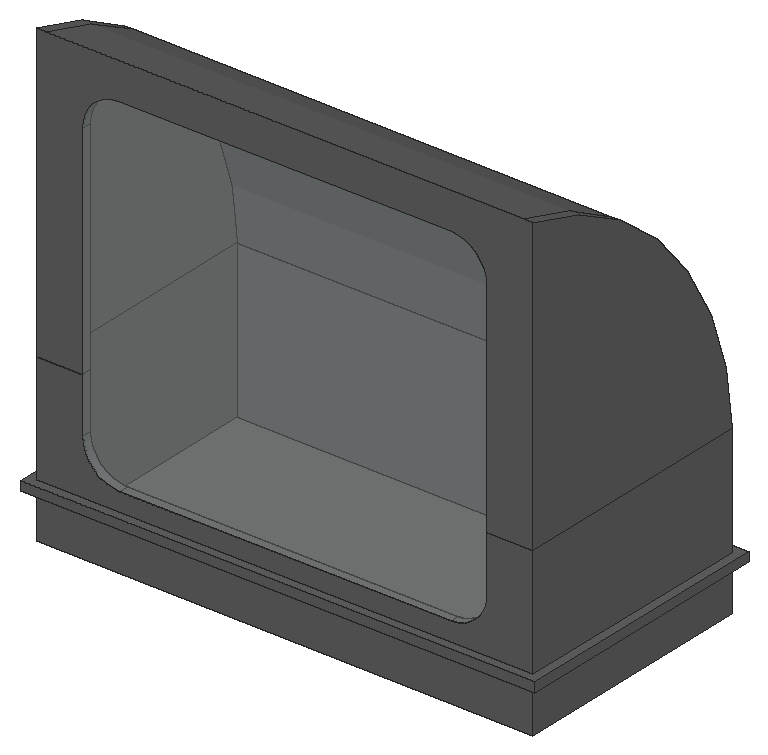
Revit family "Traverse", category Lighting Fixtures, host Face, Revit 2012
Parameters (values of type "TRV-BBT")
  Wattage = 27 W
  built-in parameter 1150110 = 1 (stored number, unit not read)
  Voltage = 120 V
  Wattage Comments = "27W to 136W"  # constant formula
  URL = "http://www.beaconproducts.com/"
  built-in parameter 1114217 = 1 (stored number, unit not read)
  Tilt Angle = 90.00°  # constant formula
  built-in parameter 1150109 = 1 (stored number, unit not read)
  built-in parameter 1150134 = 3
  built-in parameter 1150113 = 1 (stored number, unit not read)
  Product Page URL = "http://www.beaconproducts.com/products/traverse"
  Product Documentation Link = "http://www.beaconproducts.com/content/products/specs/specs_files/Traverse_LED_spec_sheet.pdf"
  Photometric Web File = "TRV-24NB-55-3K-T2.ies"
  Photometric Link = "http://www.beaconproducts.com/products/traverse"
  Nominal Watts = 27 W
  Model = "TRAVERSE"  # constant formula
  Manufacturer Phone = "(800) 345-4928"  # constant formula
  Manufacturer Fax = "(941) 751-5535"  # constant formula
  Manufacturer = "Beacon Lighting"  # constant formula
  built-in parameter 1150105 = 319.16 (stored number, unit not read)
  Lumens = 4010.63 lm
  built-in parameter 1150115 = 1 (stored number, unit not read)
  Load Classification = Lighting
  built-in parameter 1150137 = (empty or 0)
  built-in parameter 1150139 = (empty or 0)
  built-in parameter 1150112 = 1 (stored number, unit not read)
  built-in parameter 1150114 = 1 (stored number, unit not read)
  Lamp = "LED Lamp"
  built-in parameter 1150132 = (empty or 0)
  built-in parameter 1150102 = (empty or 0)
  built-in parameter 1150107 = 3200 (stored number, unit not read)
  built-in parameter 1150138 = (empty or 0)
  built-in parameter 1150106 = 3.1916 (stored number, unit not read)
  Glass = White Glass
  Emit from Rectangle Width = 10"  # constant formula
  Emit from Rectangle Length = 9"  # constant formula
  Emit Shape Visible in Rendering = no
  built-in parameter 1150104 = 13.8 (stored number, unit not read)
  Dimming Lamp Color Temperature Shift = <None>
  Description = "This totally new designed LED WALLPACK has been created to optimize the LED source with its lighting performance and thermal management."  # constant formula
  Default Elevation = 48"
  Color Filter = 16777215
  built-in parameter 1114218 = 1 (stored number, unit not read)
  Backbox = Black Textured
  built-in parameter 1150133 = 10 (stored number, unit not read)
  Apparent Load = 0 VA
Types (13): name | Backbox
  (no name) | Black Textured
  TRV-BBT | Black Textured
  TRV-BMT | Black Matte Textured
  TRV-WHT | White
  TRV-BZT | Bronze Textured
  TRV-MBT | Mettalic Bronze Textured
  TRV-DBT | Dark  Bronze Textured
  TRV-GYS | Grey smooth
  TRV-DPS | Dark Platinum Smooth
  TRV-GNT | none
  TRV-MST | Mettallic Silver Textured
  TRV-MTT | Metallic titanium textured
  TRV-OWI | Old World Iron
Reference planes (in)
  plane 1 "Center (Front/Back)": y = 0.03999
  plane 2: z = 0
  plane 3 "Center (Left/Right)": x = 1.66944
  plane 4: x = -5.33056
  plane 5: x = 8.66944
  plane 6: z = 4.5
  plane 7: y = 3.66499
  plane 8: y = -3.58501
  plane 9: y = 3.41499
  plane 10: y = -3.33501
  plane 11: x = -5.08056
  plane 12: x = 8.41944
  plane 13: x = -4.83056
  plane 14: x = 8.16944
  plane 15: y = -3.08501
  plane 16: y = 3.16499
  plane 17: z = 12.5
  plane 18: z = 0.25
  plane 19: z = 11.5
  plane 20: z = 2
  plane 21: x = 7.16944
  plane 22: x = -3.83056
  plane 23: z = 1.25
  plane 24: z = 1.5
Forms (in)
  Extrusion 1, solid, material "Black Textured" <- "Backbox"
    sketch origin (0, 0, 0) x (1, 0, 0) y (0, 1, 0)
      loop
        line (-5.08056, -3.33501) -> (8.41944, -3.33501) -> (8.41944, 3.41499) -> (-5.08056, 3.41499) -> (-5.08056, -3.33501)
      loop
        line (-4.83056, -3.08501) -> (8.16944, -3.08501) -> (8.16944, 3.16499) -> (-4.83056, 3.16499) -> (-4.83056, -3.08501)
    from 0.25 to 4.5
  Extrusion 2, solid, material "Black Textured" <- "Backbox"
    sketch origin (0, 0, 0) x (1, 0, 0) y (0, 1, 0)
      loop
        line (-5.08056, 3.41499) -> (-5.08056, -3.33501) -> (8.41944, -3.33501) -> (8.41944, 3.41499) -> (-5.08056, 3.41499)
    from 0 to 0.25
  Extrusion 3, solid, material "Black Textured" <- "Backbox"
    sketch origin (1.66944, 0, 0) x (0, 1, 0) y (0, 0, 1)
      loop
        line (-3.33501, 4.5) -> (-3.08501, 4.5) -> (-3.08501, 12.18563)
        arc (-3.08501, 12.18563) -> (1.31782, 9.382) -> (3.16479, 4.5) r 8.27059
        line (3.16479, 4.5) -> (3.41499, 4.5)
        arc (3.41499, 4.5) -> (1.41324, 9.65868) -> (-3.33501, 12.5) r 8.52059
        line (-3.33501, 12.5) -> (-3.33501, 4.5)
    from -6.5 to 6.5
  Extrusion 4, solid, material "Black Textured" <- "Backbox"
    sketch origin (8.16944, 0, 0) x (0, 1, 0) y (0, 0, 1)
      loop
        arc (3.41499, 4.5) -> (1.41324, 9.65868) -> (-3.33501, 12.5) r 8.52059
        line (-3.33501, 12.5) -> (-3.33501, 4.5) -> (3.41499, 4.5)
    from 0 to 0.25
  Extrusion 5, solid, material "Black Textured" <- "Backbox"
    sketch origin (-4.83056, 0, 0) x (0, -1, 0) y (0, 0, 1)
      loop
        arc (3.33501, 12.5) -> (-1.41324, 9.65868) -> (-3.41499, 4.5) r 8.52059
        line (-3.41499, 4.5) -> (3.33501, 4.5) -> (3.33501, 12.5)
    from 0 to 0.25
  Extrusion 6, void
    sketch origin (1.66944, -3.33501, 4.5) x (0, 0, -1) y (-1, 0, 0)
      loop
        arc (-6, 5.5) -> (-6.70711, 5.20711) -> (-7, 4.5) r 1
        line (-7, 4.5) -> (-7, -4.5)
        arc (-7, -4.5) -> (-6.70711, -5.20711) -> (-6, -5.5) r 1
        line (-6, -5.5) -> (1.5, -5.5)
        arc (1.5, -5.5) -> (2.20711, -5.20711) -> (2.5, -4.5) r 1
        line (2.5, -4.5) -> (2.5, 4.5)
        arc (2.5, 4.5) -> (2.20711, 5.20711) -> (1.5, 5.5) r 1
        line (1.5, 5.5) -> (-6, 5.5)
    from 0 to 0.25
  Extrusion 7, solid, material "White Glass" <- "Glass"
    sketch origin (1.66944, -3.33501, 4.5) x (0, 0, 1) y (-1, 0, 0)
      loop
        line (6, 5.5) -> (-1.5, 5.5)
        arc (-1.5, 5.5) -> (-2.20711, 5.20711) -> (-2.5, 4.5) r 1
        line (-2.5, 4.5) -> (-2.5, -4.5)
        arc (-2.5, -4.5) -> (-2.20711, -5.20711) -> (-1.5, -5.5) r 1
        line (-1.5, -5.5) -> (6, -5.5)
        arc (6, -5.5) -> (6.70711, -5.20711) -> (7, -4.5) r 1
        line (7, -4.5) -> (7, 4.5)
        arc (7, 4.5) -> (6.70711, 5.20711) -> (6, 5.5) r 1
    from 0 to -0.25
  Extrusion 8, solid, material "Black Textured" <- "Backbox"
    sketch origin (-10.02594, -180, 1.25) x (-1, 0, 0) y (0, -1, 0)
      loop
        line (-4.69539, -183.66499) -> (-4.69539, -176.41499) -> (-18.69539, -176.41499) -> (-18.69539, -183.66499) -> (-4.69539, -183.66499)
      loop
        line (-4.94539, -183.41499) -> (-4.94539, -176.66499) -> (-18.44539, -176.66499) -> (-18.44539, -183.41499) -> (-4.94539, -183.41499)
    from 0 to 0.25
Cuts and joins
  Extrusion 6 cuts Extrusion 1
  Extrusion 6 cuts Extrusion 2
  joined: Extrusion 1, Extrusion 2, Extrusion 8
  Extrusion 6 cuts Extrusion 3
  joined: Extrusion 3, Extrusion 4, Extrusion 5
Dimensions and locks (in)
  locked: plane 4 to plane 5 at 14
  locked: plane 7 to plane 8 at 7.25
  equal spacing: plane 7, plane 1 "Center (Front/Back)", plane 8
  plane 9 to plane 1 "Center (Front/Back)" to plane 10 = 3 3/8" locked, 3 3/8" locked
  plane 11 to plane 3 "Center (Left/Right)" to plane 12 = 6 3/4" locked, 6 3/4" locked
  locked: plane 15 to plane 10 at 0.25
  locked: plane 9 to plane 16 at 0.25
  locked: plane 11 to plane 13 at 0.25
  locked: plane 14 to plane 12 at 0.25
  plane 17 to plane 6 to host face = 8" locked, 4 1/2" locked
  locked: plane 18 to host face at 0.25
  locked: plane 17 to plane 19 at 1
  locked: plane 20 to plane 18 at 1.75
  locked: plane 13 to plane 22 at 1
  locked: plane 14 to plane 21 at 1
  plane 5 to plane 3 "Center (Left/Right)" to plane 4 = 7" locked, 7" locked
  locked: plane 23 to host face at 1.25
  locked: plane 24 to plane 23 at 0.25
  aligned and locked: plane 2 to host face
  aligned and locked: level to host face
  aligned and locked: plane 11 to Extrusion 1 sketch curve
  aligned and locked: plane 10 to Extrusion 1 sketch curve
  aligned and locked: plane 12 to Extrusion 1 sketch curve
  aligned and locked: plane 9 to Extrusion 1 sketch curve
  aligned and locked: Extrusion 1 to plane 13
  aligned and locked: plane 15 to Extrusion 1
  aligned and locked: plane 14 to Extrusion 1
  aligned and locked: Extrusion 1 to plane 16
  aligned and locked: plane 6 to Extrusion 1
  aligned and locked: Extrusion 2 to level
  aligned and locked: Extrusion 2 to Extrusion 1
  aligned and locked: plane 18 to Extrusion 2
  aligned and locked: Extrusion 3 to plane 14
  aligned and locked: plane 13 to Extrusion 3
  aligned and locked: Extrusion 4 sketch curve to Extrusion 3  (x2)
  aligned and locked: Extrusion 4 to plane 12
  aligned and locked: plane 14 to Extrusion 4
  aligned and locked: Extrusion 5 sketch curve to Extrusion 4  (x3)
  aligned and locked: Extrusion 5 to plane 11
  aligned and locked: Extrusion 5 to plane 13
  aligned and locked: plane 21 to Extrusion 6
  aligned and locked: Extrusion 6 to plane 22
  aligned and locked: Extrusion 6 to plane 20
  aligned and locked: plane 19 to Extrusion 6
  aligned and locked: Extrusion 7 sketch curve to cut or joined group of Extrusion 3, Extrusion 4, Extrusion 5, Extrusion 6  (x2)
  aligned and locked: Extrusion 7 sketch curve to cut or joined group of Extrusion 1, Extrusion 2, Extrusion 6, Extrusion 8  (x2)
  aligned and locked: Extrusion 6 to plane 10
  aligned and locked: Extrusion 1 to Extrusion 6
  aligned and locked: plane 15 to Extrusion 7
  aligned and locked: Extrusion 7 to plane 10
  aligned and locked: Extrusion 8 sketch curve to plane 7
  aligned and locked: plane 4 to Extrusion 8 sketch curve
  aligned and locked: plane 8 to Extrusion 8 sketch curve
  aligned and locked: Extrusion 8 sketch curve to plane 5
  aligned and locked: Extrusion 8 to plane 23
  aligned and locked: Extrusion 8 to plane 24
  aligned and locked: Extrusion 2 to plane 11
  aligned and locked: plane 12 to Extrusion 8
  aligned and locked: plane 11 to Extrusion 8
  aligned and locked: plane 10 to imposter light
  aligned and locked: imposter light to plane 3 "Center (Left/Right)"
Automatic sketch dimensions
  host sketch curve to host sketch curve = 66.62788"
  host sketch curve to host sketch curve = 96"
  Extrusion 1 sketch curve to plane 13 = 0"
  Extrusion 1 sketch curve to plane 14 = 0"
  Extrusion 1 sketch curve to plane 15 = 0"
  Extrusion 1 sketch curve to plane 16 = 0"
  Extrusion 2 sketch curve to plane 10 = 0"
  Extrusion 2 sketch curve to plane 11 = 0"
  plane 9 to Extrusion 2 sketch curve = 0"
  Extrusion 2 sketch curve to plane 12 = 0"
  Extrusion 3 sketch curve to Extrusion 3 sketch curve = 0"  (x2)
  Extrusion 3 sketch curve to plane 6 = 0"  (x2)
  Extrusion 3 sketch curve to plane 10 = 0"
  Extrusion 3 sketch curve to plane 15 = 0"
  Extrusion 3 sketch curve to plane 9 = 0"
  Extrusion 3 sketch curve to plane 17 = 0"
  Extrusion 3 sketch curve to plane 6 = 0.336"
  Extrusion 3 sketch curve to plane 16 = 0.0002"
  Extrusion 3 to Extrusion 4 sketch curve = 0"
  Extrusion 3 to Extrusion 6 sketch curve = 1"
  Extrusion 6 sketch curve to Extrusion 6 sketch curve = 1"  (x3)
  Extrusion 6 sketch curve to Extrusion 3 = 1"
  Extrusion 6 sketch curve to Extrusion 3 = 1 1/2"  (x2)
  Extrusion 6 sketch curve to Extrusion 3 = 2"
  Extrusion 8 sketch curve to plane 10 = 0"
  Extrusion 8 sketch curve to plane 12 = 0"
  plane 9 to Extrusion 8 sketch curve = 0"
  Extrusion 8 sketch curve to plane 11 = 0"
Connectors (in)
  electrical at (1.66944, 3.41499, 3), driven by "Voltage", driven by "Load Classification"
    settings: on cut or joined group of Extrusion 1, Extrusion 2, Extrusion 6, Extrusion 8, index 1, voltage 120 V, apparent load 0 VA, apparent load phase1 0 VA, apparent load phase2 0 VA, apparent load phase3 0 VA, power factor 1, load classification "Lighting", number of poles 1, system type 30, power factor state 1, is connector primary yes, connector utility no, sub classification motor no, connector description "Electrical Connector"
